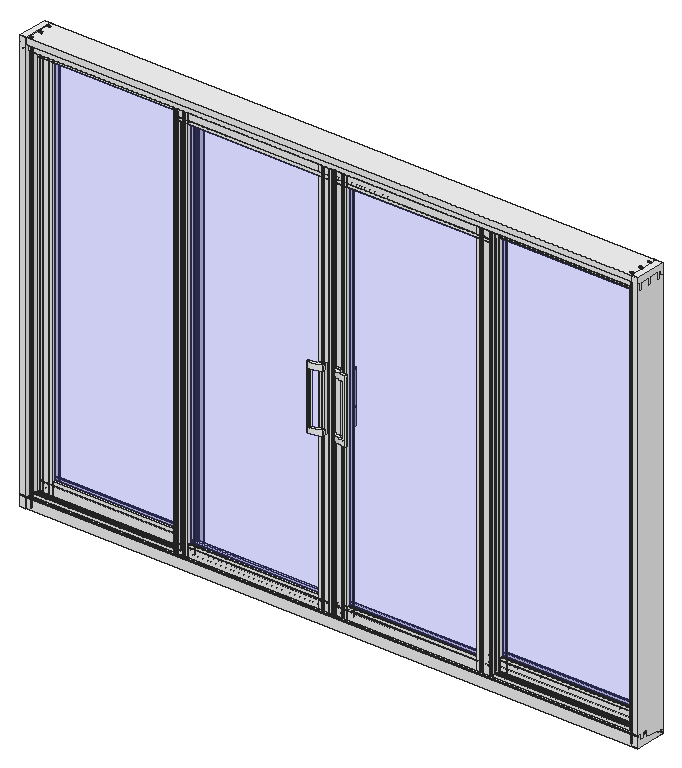
Revit family "Patio-Door_650_4-Light_OXXO_Novatech", category Doors, host Wall, Revit 2026 (continued)
Definition of nested family "NOVATECH 650_4 LIGHT_SASH_O_LEFT"
  Definition of nested family "NOVATECH_650_3 LIGHT_OXO_SASH_O_SILL"
    Automatic sketch dimensions
      Extrusion 1 sketch curve to Extrusion 1 sketch curve = 0.01003"
      Extrusion 1 sketch curve to Extrusion 1 sketch curve = 0.22346"
      Extrusion 1 sketch curve to Extrusion 1 sketch curve = 0.12208"
      Extrusion 1 sketch curve to Extrusion 1 sketch curve = 0.13363"
      Extrusion 1 sketch curve to Extrusion 1 sketch curve = 0.3633"
      Extrusion 1 sketch curve to Extrusion 1 sketch curve = 0.38259"
      Extrusion 1 sketch curve to Extrusion 1 sketch curve = 0.02"
      Extrusion 1 sketch curve to Extrusion 1 sketch curve = 0.52271"
      Extrusion 1 sketch curve to Extrusion 1 sketch curve = 0.52274"
      Extrusion 1 sketch curve to Extrusion 1 sketch curve = 0.03071"
      Extrusion 1 sketch curve to Extrusion 1 sketch curve = 0.03074"
      Extrusion 1 sketch curve to Extrusion 1 sketch curve = 0.16698"
      curve 1 to plane 1 "Center (Front/Back)" = 0.91091"
      level to Extrusion 1 sketch curve = 0.01143"
      level to Extrusion 1 sketch curve = 0.1594"
      Extrusion 1 sketch curve to Extrusion 1 sketch curve = 0.43694"
      Extrusion 1 sketch curve to Extrusion 1 sketch curve = 0.42938"
      Extrusion 1 sketch curve to Extrusion 1 sketch curve = 0.04707"
      Extrusion 1 sketch curve to Extrusion 1 sketch curve = 0.08759"
      level to Extrusion 1 sketch curve = 0.02445"
      Extrusion 1 sketch curve to Extrusion 1 sketch curve = 0.16981"
      Extrusion 1 sketch curve to Extrusion 1 sketch curve = 0.01198"
      Extrusion 1 sketch curve to plane 1 "Center (Front/Back)" = 1.07451"
      plane 1 "Center (Front/Back)" to Extrusion 2 sketch curve = 0.00182"
      Extrusion 2 sketch curve to Extrusion 2 sketch curve = 0.02542"
      Extrusion 2 sketch curve to Extrusion 2 sketch curve = 0.02953"
      Extrusion 2 sketch curve to Extrusion 2 sketch curve = 0.05906"  (x3)
      Extrusion 2 sketch curve to Extrusion 2 sketch curve = 0.20669"
      Extrusion 2 sketch curve to Extrusion 2 sketch curve = 0.03346"
      Extrusion 2 sketch curve to Extrusion 2 sketch curve = 0.27362"
      Extrusion 2 sketch curve to Extrusion 2 sketch curve = 0.04331"  (x2)
      Extrusion 2 sketch curve to Extrusion 2 sketch curve = 0.05118"  (x6)
      Extrusion 2 sketch curve to plane 1 "Center (Front/Back)" = 1.13936"
      Extrusion 2 sketch curve to plane 1 "Center (Front/Back)" = 1.22062"
      Extrusion 2 sketch curve to Extrusion 2 sketch curve = 0"  (x2)
      Extrusion 2 sketch curve to plane 1 "Center (Front/Back)" = 1.26786"
      Extrusion 2 sketch curve to Extrusion 2 sketch curve = 0.00787"  (x2)
      Extrusion 2 sketch curve to Extrusion 2 sketch curve = 0.01969"
      Extrusion 2 sketch curve to Extrusion 2 sketch curve = 0.1482"
      Extrusion 2 sketch curve to Extrusion 2 sketch curve = 0.01575"  (x2)
      Extrusion 2 sketch curve to Extrusion 2 sketch curve = 0.0059"
      Extrusion 2 sketch curve to Extrusion 2 sketch curve = 0.0748"
      Extrusion 2 sketch curve to Extrusion 2 sketch curve = 0.1068"
      Extrusion 2 sketch curve to Extrusion 2 sketch curve = 0.01918"
      Extrusion 2 sketch curve to Extrusion 2 sketch curve = 0.01832"
      Extrusion 2 sketch curve to Extrusion 2 sketch curve = 0.01543"
      Extrusion 2 sketch curve to Extrusion 2 sketch curve = 0.00498"
      Extrusion 2 sketch curve to Extrusion 2 sketch curve = 0.03447"
      Extrusion 2 sketch curve to Extrusion 2 sketch curve = 0.06392"
      Extrusion 2 sketch curve to Extrusion 2 sketch curve = 3/64"
      Extrusion 2 sketch curve to Extrusion 2 sketch curve = 0.06673"
      Extrusion 2 sketch curve to Extrusion 2 sketch curve = 0.06962"
      Extrusion 2 sketch curve to Extrusion 2 sketch curve = 0.00819"
      Extrusion 2 sketch curve to Extrusion 2 sketch curve = 0.01461"
      Extrusion 2 sketch curve to plane 1 "Center (Front/Back)" = 1.5966"
      Extrusion 2 sketch curve to Extrusion 2 sketch curve = 0.00961"
      Extrusion 2 sketch curve to plane 1 "Center (Front/Back)" = 1.62613"
      Extrusion 2 sketch curve to Extrusion 2 sketch curve = 0.0309"
      level to Extrusion 2 sketch curve = 0.90071"
      Extrusion 2 sketch curve to Extrusion 2 sketch curve = 0.02005"  (x2)
      Extrusion 2 sketch curve to Extrusion 2 sketch curve = 0.06299"  (x4)
      Extrusion 2 sketch curve to Extrusion 2 sketch curve = 0.1811"  (x2)
      Extrusion 2 sketch curve to Extrusion 2 sketch curve = 0.32247"
      Extrusion 2 sketch curve to Extrusion 2 sketch curve = 0.87008"
      Extrusion 2 sketch curve to Extrusion 2 sketch curve = 0.07552"
      Extrusion 2 sketch curve to Extrusion 2 sketch curve = 0.0007"
      Extrusion 2 sketch curve to Extrusion 2 sketch curve = 0.01855"
      Extrusion 2 sketch curve to Extrusion 2 sketch curve = 0.0222"
      Extrusion 2 sketch curve to Extrusion 2 sketch curve = 0.00526"
      Extrusion 2 sketch curve to Extrusion 2 sketch curve = 0.08296"
      Extrusion 2 sketch curve to Extrusion 2 sketch curve = 0.03052"
      Extrusion 2 sketch curve to Extrusion 2 sketch curve = 0.1455"
      Extrusion 2 sketch curve to Extrusion 2 sketch curve = 0.00014"  (x2)
      Extrusion 2 sketch curve to Extrusion 2 sketch curve = 0.00724"
      Extrusion 2 sketch curve to Extrusion 2 sketch curve = 0.00786"
      Extrusion 2 sketch curve to Extrusion 2 sketch curve = 0.01537"
      Extrusion 2 sketch curve to Extrusion 2 sketch curve = 0.01578"
      Extrusion 2 sketch curve to Extrusion 2 sketch curve = 0.05162"
      Extrusion 2 sketch curve to Extrusion 2 sketch curve = 0.12471"
      Extrusion 2 sketch curve to Extrusion 2 sketch curve = 0.50115"
      Extrusion 2 sketch curve to Extrusion 2 sketch curve = 0.52341"
      Extrusion 2 sketch curve to Extrusion 2 sketch curve = 0.02226"
      Extrusion 2 sketch curve to Extrusion 2 sketch curve = 0.00984"
      Extrusion 2 sketch curve to Extrusion 2 sketch curve = 0.04131"
  Definition of nested family "NOVATECH_650_3 LIGHT_OXO_SASH_O_HEADER"
    Parameters (values of type "O HEADER")
      Length [instance] = 25.4316"
      Frame Material = none
      Default Elevation = 0"
    Reference planes (in)
      plane 1 "Center (Front/Back)": y = 0
      plane 2: z = 0
      plane 3 "Center (Left/Right)": x = 0
      plane 4: x = 25.4316
    Forms (in)
      Extrusion 1, solid, material <- "Frame Material"
        sketch origin (0, 3.99113, -1.74837) x (0, 1, 0) y (0, 0, 1)
          loop
            line (-2.76869, 4.29213) -> (-2.76869, 4.20908) -> (-2.71751, 4.20908) -> (-2.71751, 4.27208) -> (-2.66633, 4.27208) -> (-2.66633, 3.96499) -> (-2.71751, 3.96499) -> (-2.71751, 4.02798) -> (-2.76869, 4.02798) -> (-2.76869, 3.64252) -> (-3.55609, 3.64252) -> (-3.55609, 4.02798) -> (-3.60728, 4.02798) -> (-3.60728, 3.96499) -> (-3.65846, 3.96499) -> (-3.65846, 4.27208) -> (-3.60728, 4.27208) -> (-3.60728, 4.20908) -> (-3.55609, 4.20908) -> (-3.55609, 4.29213)
            arc (-3.55609, 4.29213) -> (-3.57339, 4.33389) -> (-3.61515, 4.35118) r 0.05906
            line (-3.61515, 4.35118) -> (-3.93208, 4.35118)
            arc (-3.93208, 4.35118) -> (-3.97384, 4.33389) -> (-3.99113, 4.29213) r 0.05906
            line (-3.99113, 4.29213) -> (-3.99113, 1.81194)
            arc (-3.99113, 1.81194) -> (-3.98389, 1.79257) -> (-3.96572, 1.7827) r 0.02953
            line (-3.96572, 1.7827) -> (-3.72145, 1.74837) -> (-3.72145, 1.78968) -> (-3.75491, 1.78968) -> (-3.75491, 2.4378) -> (-3.65663, 2.4378) -> (-3.65663, 2.3126) -> (-2.78262, 2.3126) -> (-2.78262, 2.4378) -> (-2.55413, 2.4378) -> (-2.55413, 2.67402) -> (-2.60531, 2.67402) -> (-2.60531, 2.77244) -> (-2.41239, 2.77244) -> (-2.41239, 2.4378) -> (-2.33365, 2.4378) -> (-2.33365, 4.29213)
            arc (-2.33365, 4.29213) -> (-2.35095, 4.33389) -> (-2.39271, 4.35118) r 0.05906
            line (-2.39271, 4.35118) -> (-2.70964, 4.35118)
            arc (-2.70964, 4.35118) -> (-2.7514, 4.33389) -> (-2.76869, 4.29213) r 0.05906
          loop
            line (-2.33365, 1.77983) -> (-2.33365, 2.41424)
            arc (-2.33365, 2.41424) -> (-2.34153, 2.42788) -> (-2.35728, 2.42788) r 0.01575
            line (-2.35728, 2.42788) -> (-2.3867, 2.41134)
            arc (-2.3867, 2.41134) -> (-2.40913, 2.41876) -> (-2.41969, 2.43989) r 0.03079
            line (-2.41969, 2.43989) -> (-2.43129, 2.60578) -> (-2.46833, 2.69723)
            arc (-2.46833, 2.69723) -> (-2.49406, 2.72434) -> (-2.53137, 2.72666) r 0.05107
            arc (-2.53137, 2.72666) -> (-2.55479, 2.69582) -> (-2.53061, 2.66558) r 0.0315
            line (-2.53061, 2.66558) -> (-2.49742, 2.58344) -> (-2.48648, 2.44027) -> (-2.57331, 2.38618) -> (-2.68011, 2.42243)
            arc (-2.68011, 2.42243) -> (-2.69481, 2.42088) -> (-2.70176, 2.40783) r 0.01575
            line (-2.70176, 2.40783) -> (-2.70176, 1.78968) -> (-2.72145, 1.75031) -> (-2.36318, 1.75031)
            arc (-2.36318, 1.75031) -> (-2.3423, 1.75896) -> (-2.33365, 1.77983) r 0.02953
        from 0 to 25.4316
    Dimensions and locks (in)
      "Length": plane 3 "Center (Left/Right)" to plane 4
      aligned and locked: plane 2 to level
      aligned and locked: plane 4 to Extrusion 1
      aligned and locked: Extrusion 1 to plane 3 "Center (Left/Right)"
    Automatic sketch dimensions
      Extrusion 1 sketch curve to level = 0"
      plane 1 "Center (Front/Back)" to Extrusion 1 sketch curve = 0"
      level to Extrusion 1 sketch curve = 0.03433"
      Extrusion 1 sketch curve to Extrusion 1 sketch curve = 0.02542"
      Extrusion 1 sketch curve to Extrusion 1 sketch curve = 0.02953"
      Extrusion 1 sketch curve to Extrusion 1 sketch curve = 0.05906"
      Extrusion 1 sketch curve to Extrusion 1 sketch curve = 0.20669"
      Extrusion 1 sketch curve to Extrusion 1 sketch curve = 0.03346"
      Extrusion 1 sketch curve to Extrusion 1 sketch curve = 0.27362"  (x2)
      Extrusion 1 sketch curve to Extrusion 1 sketch curve = 0.09828"
      Extrusion 1 sketch curve to Extrusion 1 sketch curve = 0.04331"
      Extrusion 1 sketch curve to Extrusion 1 sketch curve = 0.00787"  (x2)
      Extrusion 1 sketch curve to Extrusion 1 sketch curve = 0.05118"  (x4)
      Extrusion 1 sketch curve to plane 1 "Center (Front/Back)" = 1.20852"
      Extrusion 1 sketch curve to plane 1 "Center (Front/Back)" = 1.22244"  (x2)
      Extrusion 1 sketch curve to plane 1 "Center (Front/Back)" = 1.26968"
      Extrusion 1 sketch curve to plane 1 "Center (Front/Back)" = 1.27362"  (x2)
      Extrusion 1 sketch curve to plane 1 "Center (Front/Back)" = 1.2815"
      Extrusion 1 sketch curve to plane 1 "Center (Front/Back)" = 1.28937"
      Extrusion 1 sketch curve to plane 1 "Center (Front/Back)" = 1.28938"
      Extrusion 1 sketch curve to Extrusion 1 sketch curve = 0.01575"  (x2)
      Extrusion 1 sketch curve to Extrusion 1 sketch curve = 0.0059"
      Extrusion 1 sketch curve to plane 1 "Center (Front/Back)" = 1.38583"
      Extrusion 1 sketch curve to Extrusion 1 sketch curve = 0.1068"
      Extrusion 1 sketch curve to Extrusion 1 sketch curve = 0.01918"
      Extrusion 1 sketch curve to Extrusion 1 sketch curve = 0.02352"
      Extrusion 1 sketch curve to Extrusion 1 sketch curve = 0.00731"
      Extrusion 1 sketch curve to Extrusion 1 sketch curve = 0.01494"
      Extrusion 1 sketch curve to Extrusion 1 sketch curve = 0.03319"
      Extrusion 1 sketch curve to Extrusion 1 sketch curve = 0.06765"
      Extrusion 1 sketch curve to Extrusion 1 sketch curve = 0.04734"
      Extrusion 1 sketch curve to Extrusion 1 sketch curve = 0.06613"
      Extrusion 1 sketch curve to Extrusion 1 sketch curve = 0.06679"
      Extrusion 1 sketch curve to Extrusion 1 sketch curve = 0.0073"
      Extrusion 1 sketch curve to Extrusion 1 sketch curve = 0.02341"
      Extrusion 1 sketch curve to Extrusion 1 sketch curve = 0.00228"
      level to Extrusion 1 sketch curve = 0.00194"
      Extrusion 1 sketch curve to Extrusion 1 sketch curve = 0.33858"
      Extrusion 1 sketch curve to Extrusion 1 sketch curve = 0.02942"
      Extrusion 1 sketch curve to Extrusion 1 sketch curve = 0.02362"
      level to Extrusion 1 sketch curve = 0.04131"  (x2)
      Extrusion 1 sketch curve to Extrusion 1 sketch curve = 0.52292"
      Extrusion 1 sketch curve to Extrusion 1 sketch curve = 0.07358"
      Extrusion 1 sketch curve to Extrusion 1 sketch curve = 0.02165"
      Extrusion 1 sketch curve to Extrusion 1 sketch curve = 0"
      Extrusion 1 sketch curve to Extrusion 1 sketch curve = 0.02516"
      Extrusion 1 sketch curve to Extrusion 1 sketch curve = 0.0029"
      Extrusion 1 sketch curve to Extrusion 1 sketch curve = 0.05162"
      Extrusion 1 sketch curve to Extrusion 1 sketch curve = 0.02356"
      Extrusion 1 sketch curve to Extrusion 1 sketch curve = 0.1252"
      Extrusion 1 sketch curve to Extrusion 1 sketch curve = 0.00209"
      Extrusion 1 sketch curve to Extrusion 1 sketch curve = 0.00038"
      Extrusion 1 sketch curve to Extrusion 1 sketch curve = 0.14318"
      Extrusion 1 sketch curve to Extrusion 1 sketch curve = 0.02234"
      Extrusion 1 sketch curve to Extrusion 1 sketch curve = 0.08214"
      Extrusion 1 sketch curve to Extrusion 1 sketch curve = 0.00844"
      Extrusion 1 sketch curve to Extrusion 1 sketch curve = 0.01248"
      Extrusion 1 sketch curve to Extrusion 1 sketch curve = 0.01815"
      Extrusion 1 sketch curve to Extrusion 1 sketch curve = 0.01917"
      Extrusion 1 sketch curve to Extrusion 1 sketch curve = 0.07521"
      Extrusion 1 sketch curve to Extrusion 1 sketch curve = 1.20472"
      Extrusion 1 sketch curve to Extrusion 1 sketch curve = 0.32247"  (x2)
      Extrusion 1 sketch curve to Extrusion 1 sketch curve = 0.06299"  (x4)
      Extrusion 1 sketch curve to Extrusion 1 sketch curve = 0.1811"  (x2)
      Extrusion 1 sketch curve to Extrusion 1 sketch curve = 0.02005"  (x2)
Types (5): name | Width Sash X | Width Sash O | Model_Sash to Reference Line | Rough Width | Rough Height | Height Sash X | Height Sash O | Height | Width
  116 7/16"W X 79 1/2"H | 29 47/64" | 29 47/64" | 28.53711" | 116 15/16" | 80" | 75 59/64" | 75 59/64" | 79 1/2" | 116 7/16"
  140 1/2"W X 79 1/2"H | 35 3/4" | 35 3/4" | 34.55273" | 141" | 80" | 75 59/64" | 75 59/64" | 79 1/2" | 140 1/2"
  188 3/8"W X 79 1/2"H | 47 23/32" | 47 23/32" | 46.52148" | 188 7/8" | 80" | 75 59/64" | 75 59/64" | 79 1/2" | 188 3/8"
  140 1/2"W X 95 1/2"H | 35 3/4" | 35 3/4" | 34.55273" | 141" | 96" | 91 59/64" | 91 59/64" | 95 1/2" | 140 1/2"
  188 3/8"W X 95 1/2"H | 47 23/32" | 47 23/32" | 46.52148" | 188 7/8" | 96" | 91 59/64" | 91 59/64" | 95 1/2" | 188 3/8"
